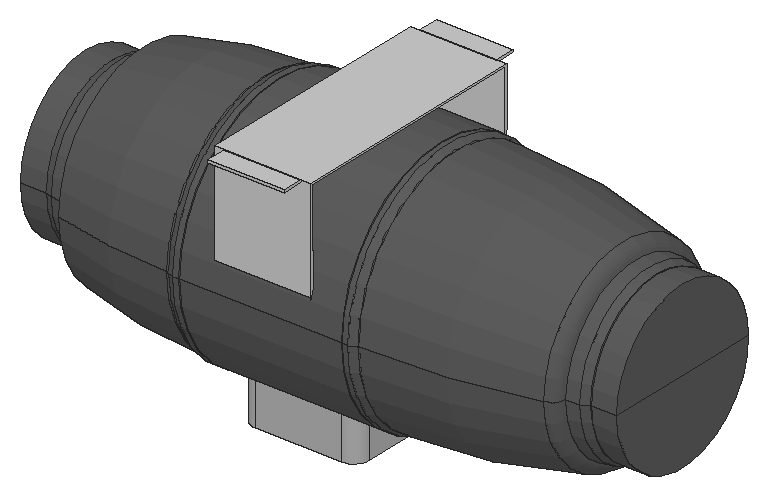
Revit family "VENTS-TT_SILENT_M_100_125_150_160", category Mechanical Equipment, Revit 2019
Family settings
  Round Connector Dimension = Use Diameter
  Classification = None
  Part Type = Breaks Into
  OmniClass Number = 23.75.35.17.11
  OmniClass Title = Fans for Air Ductwork
  Work Plane-Based = No
  Always vertical = No
  Cut with Voids When Loaded = No
  Shared = No
  Room Calculation Point = No
Parameters (values of type "TT Silent-M 160 (max)")
  Weight = 6.10 kg
  Voltage = 230 V
  URL = "https://ventilation-system.com/product/tt-silentm-160"
  Type Comments = "Inline mixed-flow fan TT Silent-M 160"
  Transported Air Temperature (°C) = "-25...+60"
  RPM (min-1) = 2645
  R1 = D1 / 2  # 122 mm
  Protection rating = "IPX4"
  Power Factor = 1
  Number of Poles = 1
  Noise Level at 3 m (dBa) = 33
  Mounting Hanger [instance] = yes
  Maintenance Zone Length Calc = if(Maintenance Zone Length < L, L, Maintenance Zone Length)  # 600 mm
  L27 = 6 mm
  L26 = 8 mm
  L25 = L21 - L22 - L23 - L24 - L26 - L27  # 163 mm
  L24 = 11 mm
  L21 = 209 mm
  L17 = 6 mm
  L16 = 8 mm
  L15 = L11 - L12 - L13 - L14 - L16 - L17  # 118 mm
  L14 = 10 mm
  L11 = 163 mm
  HangerW = 93 mm
  HangerL1 = 238 mm
  HangerL = 238 mm
  HangerH = HangerBaseH  # 126 mm
  HangerExtraL = yes
  HangerBaseH = 126 mm
  Model = "TT Silent-M 160"
  Manufacturer = "Vents"
  Maintenance Zone Width = 600 mm
  Maintenance Zone Material = Maintenance Zone
  Maintenance Zone Length = 600 mm
  Maintenance Zone Height = 600 mm
  Maintenance Zone [instance] = no
  Load Classification = HVAC
  L23 = 13 mm
  L22 = 8 mm
  L2 = 25 mm
  L13 = 13 mm
  L12 = 8 mm
  L1 = 25 mm
  L = 580 mm
  Hanger Material = Metal Zinc
  Flow direction symbol [instance] = yes
  Flow Factor [instance] = 1  # constant formula
  Family Version = "1.0"  # constant formula
  ElBoxW = 150 mm
  ElBoxR = 15 mm  # constant formula
  ElBoxL = 114 mm
  ElBoxH = 137 mm
  Distribution Box Material = Distribution Box Dark Grey
  Description = "Inline mixed-flow fan in sound- and heat-insulated casing for round ducts"
  Dd26 = 39 mm
  Dd24 = 17 mm
  Dd22 = 3 mm
  Dd23 = 5 mm
  Dd16 = 39 mm
  Dd14 = 23 mm
  Dd13 = 5 mm
  Dd12 = 3 mm
  D1 = 244 mm
  D = 160 mm
  Copyright = "©Vents"
  Duct Connection Size = 160 mm
  Fan Material = Metal Black
  Maximum Air Flow = 555 m³/h
  Air Flow [instance] = 0 m³/h
  Power = 52 W
  Current = 0.23 A
  Apparent Power = Power / Power Factor  # 52 VA
Types (8, lengths in mm): name | Weight | URL | Type Comments | RPM (min-1) | R1 | Noise Level at 3 m (dBa) | L25 | L24 | L21 | L15 | L14 | L11 | HangerL1 | HangerL | HangerH | HangerBaseH | Model | L | ElBoxW | ElBoxL | ElBoxH | Dd26 | Dd24 | Dd23 | Dd16 | Dd14 | Dd13 | D1 | D | Duct Connection Size | Maximum Air Flow | Power | Current | Apparent Power
  TT Silent-M 100 (min) | 4.60 kg | "https://ventilation-system.com/product/tt-silentm-100" | "Inline mixed-flow fan TT Silent-M 100" | 2030 | 107 | 24 | 110 | 39 | 184 | 70 | 34 | 139 | 208 | 208 | 113 | 113 | "TT Silent-M 100" | 505 | 116 | 98 | 124 | 54 | 39 | 4 | 54 | 39 | 4 | 214 | 100 | 100 | 170 m³/h | 24 W | 0.1 A | 24 VA
  TT Silent-M 100 (max) | 4.60 kg | "https://ventilation-system.com/product/tt-silentm-100" | "Inline mixed-flow fan TT Silent-M 100" | 2630 | 107 | 29 | 110 | 39 | 184 | 70 | 34 | 139 | 208 | 208 | 113 | 113 | "TT Silent-M 100" | 505 | 116 | 98 | 124 | 54 | 39 | 4 | 54 | 39 | 4 | 214 | 100 | 100 | 240 m³/h | 26 W | 0.11 A | 26 VA
  TT Silent-M 125 (min) | 4.60 kg | "https://ventilation-system.com/product/tt-silentm-125" | "Inline mixed-flow fan TT Silent-M 125" | 1650 | 107 | 23 | 110 | 24 | 169 | 64 | 24 | 123 | 208 | 208 | 113 | 113 | "TT Silent-M 125" | 474 | 116 | 98 | 124 | 41 | 26 | 4 | 41 | 28 | 4 | 214 | 125 | 125 | 230 m³/h | 25 W | 0.11 A | 25 VA
  TT Silent-M 125 (max) | 4.60 kg | "https://ventilation-system.com/product/tt-silentm-125" | "Inline mixed-flow fan TT Silent-M 125" | 2310 | 107 | 28 | 110 | 24 | 169 | 69 | 19 | 123 | 208 | 208 | 113 | 113 | "TT Silent-M 125" | 474 | 116 | 98 | 124 | 41 | 26 | 4 | 41 | 28 | 4 | 214 | 125 | 125 | 340 m³/h | 29 W | 0.13 A | 29 VA
  TT Silent-M 150 (min) | 6.10 kg | "https://ventilation-system.com/product/tt-silentm-150" | "Inline mixed-flow fan TT Silent-M 150" | 1970 | 122 | 26 | 163 | 11 | 209 | 109 | 19 | 163 | 238 | 238 | 126 | 126 | "TT Silent-M 150" | 580 | 150 | 114 | 137 | 44 | 22 | 4 | 45 | 28 | 4 | 244 | 150 | 150 | 405 m³/h | 45 W | 0.2 A | 45 VA
  TT Silent-M 150 (max) | 6.10 kg | "https://ventilation-system.com/product/tt-silentm-150" | "Inline mixed-flow fan TT Silent-M 150" | 2645 | 122 | 33 | 163 | 11 | 209 | 107 | 21 | 163 | 238 | 238 | 126 | 126 | "TT Silent-M 150" | 580 | 150 | 114 | 137 | 44 | 22 | 4 | 45 | 28 | 4 | 244 | 150 | 150 | 555 m³/h | 52 W | 0.23 A | 52 VA
  TT Silent-M 160 (min) | 6.10 kg | "https://ventilation-system.com/product/tt-silentm-160" | "Inline mixed-flow fan TT Silent-M 160" | 1970 | 122 | 26 | 163 | 11 | 209 | 107 | 21 | 163 | 238 | 238 | 126 | 126 | "TT Silent-M 160" | 580 | 150 | 114 | 137 | 39 | 17 | 5 | 39 | 23 | 5 | 244 | 160 | 160 | 405 m³/h | 45 W | 0.2 A | 45 VA
  TT Silent-M 160 (max) | 6.10 kg | "https://ventilation-system.com/product/tt-silentm-160" | "Inline mixed-flow fan TT Silent-M 160" | 2645 | 122 | 33 | 163 | 11 | 209 | 118 | 10 | 163 | 238 | 238 | 126 | 126 | "TT Silent-M 160" | 580 | 150 | 114 | 137 | 39 | 17 | 5 | 39 | 23 | 5 | 244 | 160 | 160 | 555 m³/h | 52 W | 0.23 A | 52 VA
Reference planes
  plane 1 "Center (Front/Back)": y = 0
  plane 2: z = 0
  plane 3 "Center (Left/Right)": x = 0
  plane 4: y = 80
  plane 5: y = -80
  plane 6: y = 122
  plane 7: y = -122
  plane 8: x = 580
  plane 9 "C": x = 346
  plane 10: x = 188
  plane 11 "CenterL": x = 290
  plane 12: x = 25
  plane 13: x = 182
  plane 14: y = 83
  plane 15 "CenterOfCentralPart": x = 267
  plane 16: y = 75
  plane 17: y = -75
  plane 18: x = 210
  plane 19: x = 324
  plane 20 "ElBoxHeight": z = -137
  plane 21 "HangerHeight": z = 126
  plane 22: y = 85
  plane 23: y = 103
  plane 24: x = 56
  plane 25: x = 46
  plane 26: x = 33
  plane 27: x = 174
  plane 28: y = 119
  plane 29: x = 175
  plane 30: x = 352
  plane 31: y = 83
  plane 32: y = 85
  plane 33: y = 97
  plane 34: x = 523
  plane 35: x = 534
  plane 36: x = 547
  plane 37: x = 360
  plane 38: y = 119
  plane 39: x = 359
  plane 40: x = 555
Forms (mm)
  Revolve 1, solid, material "Metal Black" <- "Fan Material", detail levels medium+fine
    sketch origin (368, 0, 0) x (1, 0, 0) y (0, 1, 0)
      loop
        line (-343, 0) -> (-180, 0) -> (-180, 122) -> (-186, 122) -> (-193, 119) -> (-194, 119)
        arc (-194, 119) -> (-253.54, 114.982) -> (-312, 103) r 443.125
        arc (-312, 103) -> (-317.171, 94.095) -> (-322, 85) r 271.253
        line (-322, 85) -> (-335, 83) -> (-343, 80) -> (-343, 0)
      axis (-180, 0) -> (-343, 0)
    angle from 0 to 360
  Revolve 2, solid, material "Metal Black" <- "Fan Material", detail levels medium+fine
    sketch origin (368, 0, 0) x (1, 0, 0) y (0, 1, 0)
      loop
        line (187, 80) -> (187, 0) -> (212, 0) -> (212, 80) -> (187, 80)
      axis (212, 0) -> (187, 0)
    angle from 0 to 360
  Revolve 3, solid, material "Metal Black" <- "Fan Material", detail levels medium+fine
    sketch origin (368, 0, 0) x (1, 0, 0) y (0, 1, 0)
      loop
        line (-368, 80) -> (-368, 0) -> (-343, 0) -> (-343, 80) -> (-368, 80)
      axis (-343, 0) -> (-368, 0)
    angle from 0 to 360
  Revolve 4, solid, material "Metal Black" <- "Fan Material", detail levels medium+fine
    sketch origin (0, 0, 0) x (1, 0, 0) y (0, 1, 0)
      loop
        line (188, 122) -> (188, 0) -> (346, 0) -> (346, 122) -> (188, 122)
      axis (188, 0) -> (346, 0)
    angle from 0 to 360
  Extrusion 5, solid, material "Distribution Box Dark Grey" <- "Distribution Box Material", detail levels medium+fine
    sketch origin (0, 0, 0) x (1, 0, 0) y (0, 1, 0)
      loop
        arc (225, 75) -> (214.393, 70.607) -> (210, 60) r 15
        line (210, 60) -> (210, -60)
        arc (210, -60) -> (214.393, -70.607) -> (225, -75) r 15
        line (225, -75) -> (309, -75)
        arc (309, -75) -> (319.607, -70.607) -> (324, -60) r 15
        line (324, -60) -> (324, 60)
        arc (324, 60) -> (319.607, 70.607) -> (309, 75) r 15
        line (309, 75) -> (225, 75)
    from 0 to -137
  Revolve 6, solid, material "Metal Black" <- "Fan Material", detail levels medium+fine
    sketch origin (117, 0, 0) x (-1, 0, 0) y (0, 1, 0)
      loop
        line (-438, 0) -> (-229, 0) -> (-229, 122) -> (-235, 122) -> (-242, 119) -> (-243, 119)
        arc (-243, 119) -> (-325.239, 113.475) -> (-406, 97) r 614.841
        arc (-406, 97) -> (-413.227, 92.583) -> (-417, 85) r 15.31
        line (-417, 85) -> (-430, 83) -> (-438, 80) -> (-438, 0)
      axis (-229, 0) -> (-438, 0)
    angle from 0 to 360
Cuts and joins
  joined: Revolve 1, Revolve 3
Dimensions and locks
  equal spacing: plane 4, plane 1 "Center (Front/Back)", plane 5
  "D": plane 4 to plane 5
  equal spacing: plane 7, plane 1 "Center (Front/Back)", plane 6
  "D1": plane 6 to plane 7
  "L": plane 3 "Center (Left/Right)" to plane 8
  equal spacing: plane 3 "Center (Left/Right)", plane 11 "CenterL", plane 8
  "L1": plane 3 "Center (Left/Right)" to plane 12
  "Dd12": plane 14 to plane 4
  equal spacing: plane 10, plane 15 "CenterOfCentralPart", plane 9 "C"
  equal spacing: plane 17, plane 1 "Center (Front/Back)", plane 16
  "ElBoxW": plane 16 to plane 17
  equal spacing: plane 18, plane 15 "CenterOfCentralPart", plane 19
  "ElBoxL": plane 18 to plane 19
  "ElBoxH": level to plane 20 "ElBoxHeight"
  "HangerBaseH": plane 21 "HangerHeight" to level
  "Dd13": plane 22 to plane 4
  "Dd14": plane 23 to plane 4
  "L11": plane 12 to plane 10
  "L12": plane 12 to plane 26
  "L13": plane 26 to plane 25
  "L14": plane 25 to plane 24
  "L17": plane 13 to plane 10
  "L16": plane 27 to plane 13
  "Dd16": plane 28 to plane 4
  locked: plane 27 to plane 29 at 1
  "L23": plane 36 to plane 35
  "L24": plane 35 to plane 34
  "L26": plane 37 to plane 30
  locked: plane 37 to plane 39 at 1
  "L2": plane 40 to plane 8
  "L21": plane 9 "C" to plane 40
  "L22": plane 36 to plane 40
  "L27": plane 9 "C" to plane 30
  "Dd22": plane 31 to plane 4
  "Dd23": plane 32 to plane 4
  "Dd24": plane 33 to plane 4
  "Dd26": plane 38 to plane 4
  "ElBoxR": radius of Extrusion 5 sketch curve  (x4)
  aligned and locked: level to plane 2
  aligned and locked: Revolve 2 sketch curve to plane 4
  aligned and locked: Revolve 2 sketch curve to plane 8
  aligned and locked: Revolve 2 sketch curve to plane 1 "Center (Front/Back)"
  aligned and locked: Revolve 3 sketch curve to plane 4
  aligned and locked: Revolve 3 sketch curve to plane 1 "Center (Front/Back)"
  aligned and locked: plane 3 "Center (Left/Right)" to Revolve 3 sketch curve
  aligned and locked: plane 1 "Center (Front/Back)" to nested 1
  aligned and locked: nested 2 to level
  aligned and locked: plane 1 "Center (Front/Back)" to nested 3
  aligned and locked: nested 3 to plane 3 "Center (Left/Right)"
  aligned and locked: plane 1 "Center (Front/Back)" to nested 4
  aligned and locked: Revolve 4 sketch curve to plane 6
  aligned and locked: Revolve 4 sketch curve to nested 4
  aligned and locked: Revolve 4 sketch curve to Revolve 4 sketch curve  (x2)
  aligned and locked: plane 11 "CenterL" to nested 4
  aligned and locked: Revolve 4 sketch curve to plane 9 "C"
  aligned and locked: plane 15 "CenterOfCentralPart" to nested 1
  aligned and locked: Extrusion 5 sketch curve to plane 16
  aligned and locked: plane 18 to Extrusion 5 sketch curve
  aligned and locked: plane 17 to Extrusion 5 sketch curve
  aligned and locked: Extrusion 5 sketch curve to plane 19
  aligned and locked: Extrusion 5 to plane 20 "ElBoxHeight"
  aligned and locked: plane 15 "CenterOfCentralPart" to nested 2
  aligned and locked: nested 5 to plane 1 "Center (Front/Back)"
  aligned and locked: plane 15 "CenterOfCentralPart" to nested 5
  aligned and locked: Revolve 1 sketch curve to plane 1 "Center (Front/Back)"
  aligned and locked: plane 4 to Revolve 1 sketch curve
  aligned and locked: plane 1 "Center (Front/Back)" to Revolve 1 sketch curve
  aligned and locked: Revolve 1 sketch curve to plane 6
  aligned and locked: plane 29 to Revolve 1 sketch curve
  aligned and locked: plane 28 to Revolve 1 sketch curve
  aligned and locked: Revolve 6 sketch curve to plane 39
  aligned and locked: Revolve 6 sketch curve to plane 38
  aligned and locked: Revolve 2 to plane 40
Automatic sketch dimensions
  plane 1 "Center (Front/Back)" to Revolve 2 sketch curve = 0 mm
  Revolve 2 sketch curve to plane 8 = 25 mm
  Revolve 2 sketch curve to plane 3 "Center (Left/Right)" = 1632 mm
  Revolve 2 sketch curve to Revolve 2 sketch curve = 2138 mm
  plane 1 "Center (Front/Back)" to Revolve 3 sketch curve = 0 mm
  Revolve 3 sketch curve to plane 12 = 0 mm
  Revolve 3 sketch curve to plane 3 "Center (Left/Right)" = 1646 mm
  plane 8 to Revolve 3 sketch curve = 2149 mm
  Revolve 4 sketch curve to plane 10 = 0 mm
  Revolve 4 sketch curve to plane 11 "CenterL" = 0 mm
  Revolve 1 sketch curve to plane 12 = 0 mm
  Revolve 1 sketch curve to plane 14 = 0 mm
  Revolve 1 sketch curve to plane 26 = 0 mm
  Revolve 1 sketch curve to plane 22 = 0 mm
  Revolve 1 sketch curve to plane 25 = 0 mm
  Revolve 1 sketch curve to plane 23 = 0 mm
  Revolve 1 sketch curve to plane 24 = 0 mm
  Revolve 1 sketch curve to plane 27 = 0 mm
  Revolve 1 sketch curve to plane 13 = 0 mm
  Revolve 1 sketch curve to plane 10 = 0 mm
  Revolve 1 sketch curve to plane 11 "CenterL" = 2.053 mm
  Revolve 1 sketch curve to plane 3 "Center (Left/Right)" = 2000 mm
  plane 8 to Revolve 1 sketch curve = 1495 mm
  plane 1 "Center (Front/Back)" to Revolve 6 sketch curve = 0 mm  (x2)
  Revolve 6 sketch curve to plane 40 = 0 mm
  Revolve 6 sketch curve to plane 31 = 0 mm
  Revolve 6 sketch curve to plane 36 = 0 mm
  Revolve 6 sketch curve to plane 32 = 0 mm
  Revolve 6 sketch curve to plane 35 = 0 mm
  Revolve 6 sketch curve to plane 33 = 0 mm  (x2)
  Revolve 6 sketch curve to plane 34 = 0 mm
  Revolve 6 sketch curve to plane 37 = 0 mm
  Revolve 6 sketch curve to plane 6 = 0 mm
  Revolve 6 sketch curve to plane 30 = 0 mm
  Revolve 6 sketch curve to plane 9 "C" = 0 mm
  Revolve 6 sketch curve to plane 4 = 0 mm
  Revolve 6 sketch curve to plane 8 = 1980 mm
  plane 3 "Center (Left/Right)" to Revolve 6 sketch curve = 1515 mm
Nested families
  nested 1: "GraphicalSymbol_Fun_FlowDirection" at (267, 0, 0), visible <- "Flow direction symbol", type "GraphicalSymbol_Fun_FlowDirection", detail levels medium+fine
    with Length 50 mm, Height 50 mm, B 25 mm, A 16.667 mm
  nested 2: "GraphicalSymbol_Fun_FlowDirection" at (267, 0, 0) x (1, 0, 0) z (0, -1, 0), type "GraphicalSymbol_Fun_FlowDirection"
    with Length 50 mm, Height 50 mm, B 25 mm, A 16.667 mm
  nested 3: "GraphicalSymbol_Fan_1" at (290, 0, 0), type "GraphicalSymbol_Fan_1", detail levels coarse
    with Diameter 580 mm, A 145 mm
  nested 4: "MaintenanceZone_Rect" at (290, 0, 0), visible <- "Maintenance Zone", type "MaintenanceZone_Rect", detail levels medium+fine
    with Maintenance Zone Width 600 mm, Maintenance Zone Length 600 mm, Maintenance Zone Height 600 mm
  nested 5: "MountingHanger" at (267, 0, 126) x (0, 1, 0) z (0, 0, -1), visible <- "Mounting Hanger", type "MountingHanger", detail levels medium+fine
    with Width1 74.4 mm, Width 93 mm, Length2 278 mm, Length 238 mm, Lenght1Calc 237.5 mm, Length1 238 mm, Height 126 mm, ExtraLength yes
Connectors
  hvac at (0, 0, 0), driven by "Duct Connection Size", driven by "Air Flow"
    settings: on cut or joined group of Revolve 1, Revolve 3, index 4, duct flow 0 m³/h, flow factor 0, pres drop 0.0 Pa, loss coef 0, conn angle 0.00°, conn width 304.8 mm, conn height 304.8 mm, conn diameter 160 mm, duct sys type 29, conn prof type 0, flow config 0, flow direction 0, loss method 0, conn ref index 5, conn util no, is conn primary yes, conn desc ""
  hvac at (580, 0, 0), driven by "Duct Connection Size"
    settings: on Revolve 2, index 5, duct flow 0 m³/h, flow factor 0, pres drop 0.0 Pa, loss coef 0, conn angle 0.00°, conn width 304.8 mm, conn height 304.8 mm, conn diameter 160 mm, duct sys type 28, conn prof type 0, flow config 0, flow direction 0, loss method 0, conn ref index 4, conn util no, is conn primary no, conn desc ""
  electrical at (267, 0, -137), driven by "Number of Poles", driven by "Load Classification", driven by "Voltage", driven by "Apparent Power", driven by "Power Factor"
    settings: on Extrusion 5, index 6, voltage 230 V, apparent load 52 VA, apparent load phase1 0 VA, apparent load phase2 0 VA, apparent load phase3 0 VA, power factor 1, load classification "HVAC", number of poles 1, system type 30, power factor state 1, is connector primary yes, connector utility no, sub classification motor no, connector description ""
Definition of nested family "MaintenanceZone_Rect"
  Parameters (values of type "MaintenanceZone_Rect")
    Maintenance Zone Width = 500 mm
    Material = none
    Maintenance Zone Length = 1000 mm
    Maintenance Zone Height = 300 mm
    Family Version = ""
    Default Elevation = 1219.2 mm
    Copyright = ""
  Reference planes
    plane 1 "Center (Front/Back)": y = 0
    plane 2: z = 0
    plane 3 "Center (Left/Right)": x = 0
    plane 4: x = -500
    plane 5: x = 500
    plane 6: y = 250
    plane 7: y = -250
    plane 8: z = -300
  Forms (mm)
    Extrusion 1, solid, material <- "Material", detail levels medium+fine
      sketch origin (0, 0, 0) x (1, 0, 0) y (0, 1, 0)
        loop
          line (-500, 250) -> (-500, -250) -> (500, -250) -> (500, 250) -> (-500, 250)
      from 0 to -300
  Lines and regions (mm)
    symbolic lines, detail levels medium+fine
      curve 1: line (-500, 0, 0) -> (500, 0, 0)
      curve 2: line (-500, 0, -300) -> (-500, 0, 0)
      curve 3: line (500, 0, -300) -> (-500, 0, -300)
      curve 4: line (500, 0, 0) -> (500, 0, -300)
      curve 5: line (0, 250, 0) -> (0, -250, 0)
      curve 6: line (0, 250, -300) -> (0, 250, 0)
      curve 7: line (0, -250, -300) -> (0, 250, -300)
      curve 8: line (0, -250, 0) -> (0, -250, -300)
      curve 9: line (-500, 250, 0) -> (500, 250, 0)
      curve 10: line (-500, -250, 0) -> (-500, 250, 0)
      curve 11: line (500, -250, 0) -> (-500, -250, 0)
      curve 12: line (500, 250, 0) -> (500, -250, 0)
  Dimensions and locks
    equal spacing: plane 6, plane 1 "Center (Front/Back)", plane 7
    equal spacing: plane 4, plane 3 "Center (Left/Right)", plane 5
    "Maintenance Zone Width": plane 6 to plane 7
    "Maintenance Zone Length": plane 4 to plane 5
    "Maintenance Zone Height": plane 2 to plane 8
    aligned and locked: level to plane 2
    aligned and locked: Extrusion 1 sketch curve to plane 6
    aligned and locked: plane 4 to Extrusion 1 sketch curve
    aligned and locked: plane 7 to Extrusion 1 sketch curve
    aligned and locked: Extrusion 1 sketch curve to plane 5
    aligned and locked: Extrusion 1 to plane 8
    aligned and locked: curve 1 to Extrusion 1
    aligned and locked: curve 2 to Extrusion 1
    aligned and locked: curve 3 to Extrusion 1
    aligned and locked: curve 4 to Extrusion 1
    aligned and locked: curve 5 to Extrusion 1
    aligned and locked: curve 6 to Extrusion 1
    aligned and locked: curve 7 to Extrusion 1
    aligned and locked: curve 8 to Extrusion 1
    aligned and locked: curve 9 to Extrusion 1
    aligned and locked: curve 10 to Extrusion 1
    aligned and locked: curve 11 to Extrusion 1
    aligned and locked: curve 12 to Extrusion 1
Definition of nested family "MountingHanger"
  Parameters (values of type "MountingHanger")
    Width1 = Width * 0.8  # 160 mm
    Width = 200 mm
    Thikness = 2 mm
    Material = none
    Length2 = Length + 20 mm * 2  # 518 mm
    Length = 478 mm
    Lenght1Calc = if(Length1 = Length, Length - 0.5 mm, Length1)  # 396 mm
    Length1 = 396 mm
    Height1 = 10 mm
    Height = 219 mm
    ExtraLength = no
    Default Elevation = 1219.2 mm
  Reference planes
    plane 1 "Center (Front/Back)": y = 0
    plane 2: z = 0
    plane 3 "Center (Left/Right)": x = 0
    plane 4: x = -239
    plane 5: x = 239
    plane 6: y = 100
    plane 7: y = -100
    plane 8: z = 219
    plane 9: x = -198
    plane 10: x = 198
    plane 11: z = 209
    plane 12: y = 80
    plane 13: y = -80
    plane 14: x = -259
    plane 15: x = 259
    plane 16: x = -239
    plane 17: x = 239
  Forms (mm)
    Extrusion 1, solid, material <- "Material"
      sketch origin (0, 0, 0) x (1, 0, 0) y (0, 0, 1)
        loop
          line (-198, 209) -> (-239, 0) -> (239, 0) -> (198, 209) -> (198, 219) -> (196, 219) -> (196, 208.806) -> (236.57, 2) -> (-236.57, 2) -> (-196, 208.806) -> (-196, 219) -> (-198, 219) -> (-198, 209)
      from -100 to 100
    Extrusion 2, solid, material <- "Material", visible <- "ExtraLength"
      sketch origin (0, 0, 0) x (1, 0, 0) y (0, 1, 0)
        loop
          line (-259, 80) -> (-259, -80) -> (-239, -80) -> (-239, 80) -> (-259, 80)
        loop
          line (239, 80) -> (239, -80) -> (259, -80) -> (259, 80) -> (239, 80)
      from 0 to 2
  Dimensions and locks
    equal spacing: plane 4, plane 3 "Center (Left/Right)", plane 5
    "Length": plane 4 to plane 5
    plane 8 to level = 219 mm
    equal spacing: plane 6, plane 1 "Center (Front/Back)", plane 7
    "Width": plane 6 to plane 7
    "Height": plane 8 to level
    "Thikness": Extrusion 1 sketch curve to level
    "Thikness": Extrusion 1 sketch curve to Extrusion 1 sketch curve  (x2)
    "Thikness": Extrusion 1 sketch curve to plane 9
    "Thikness": plane 10 to Extrusion 1 sketch curve
    equal spacing: plane 9, plane 3 "Center (Left/Right)", plane 10
    "Lenght1Calc": plane 9 to plane 10
    "Height1": plane 8 to plane 11
    equal spacing: plane 12, plane 1 "Center (Front/Back)", plane 13
    "Width1": plane 12 to plane 13
    equal spacing: plane 14, plane 3 "Center (Left/Right)", plane 15
    "Length2": plane 14 to plane 15
    "Thikness": Extrusion 2 to level
    equal spacing: plane 16, plane 3 "Center (Left/Right)", plane 17
    "Length": plane 16 to plane 17
    aligned and locked: level to plane 2
    aligned and locked: plane 6 to Extrusion 1
    aligned and locked: Extrusion 1 to plane 7
    aligned and locked: plane 9 to Extrusion 1 sketch curve
    aligned and locked: plane 10 to Extrusion 1 sketch curve
    aligned and locked: Extrusion 2 sketch curve to plane 12  (x2)
    aligned and locked: plane 14 to Extrusion 2 sketch curve
    aligned and locked: plane 13 to Extrusion 2 sketch curve  (x2)
    aligned and locked: Extrusion 2 sketch curve to plane 16
    aligned and locked: plane 17 to Extrusion 2 sketch curve
    aligned and locked: Extrusion 2 sketch curve to plane 15
  Automatic sketch dimensions
    Extrusion 1 sketch curve to level = 0 mm
    Extrusion 1 sketch curve to plane 4 = 0 mm
    Extrusion 1 sketch curve to plane 5 = 0 mm
    Extrusion 1 sketch curve to plane 11 = 0 mm  (x2)
    Extrusion 1 sketch curve to plane 8 = 0 mm  (x2)
Definition of nested family "GraphicalSymbol_Fun_FlowDirection"
  Parameters (values of type "GraphicalSymbol_Fun_FlowDirection")
    Length = 100 mm
    Height = Length  # 100 mm
    B = Length / 2  # 50 mm
    A = Length / 3  # 33.333 mm
  Reference planes
    plane 1 "Center (Front/Back)": y = 0
    plane 2: z = 0
    plane 3 "Center (Left/Right)": x = 0
    plane 4: x = -33.333
    plane 5: x = 50
    plane 6: y = 50
    plane 7: y = -50
  Lines and regions (mm)
    detail lines, in view "Ref. Level"
      curve 1: line (-33.333, 50, 0) -> (-33.333, -50, 0)
      curve 2: line (50, 0, 0) -> (-33.333, -50, 0)
      curve 3: line (50, 0, 0) -> (-33.333, 50, 0)
  Dimensions and locks
    "A": plane 4 to plane 3 "Center (Left/Right)"
    "B": plane 3 "Center (Left/Right)" to plane 5
    equal spacing: plane 6, plane 1 "Center (Front/Back)", plane 7
    "Height": plane 6 to plane 7
    aligned and locked: curve 1 to plane 4
  Automatic sketch dimensions
    plane 1 "Center (Front/Back)" to curve 3 = 0 mm
    curve 3 to plane 5 = 0 mm
    curve 2 to plane 7 = 0 mm
    curve 3 to plane 6 = 0 mm
Definition of nested family "GraphicalSymbol_Fan_1"
  Parameters (values of type "GraphicalSymbol_Fan_1")
    Diameter = 100 mm
    Default Elevation = 1219.2 mm
    A = Diameter / 4  # 25 mm
  Reference planes
    plane 1 "Center (Front/Back)": y = 0
    plane 2: z = 0
    plane 3 "Center (Left/Right)": x = 0
    plane 4: x = -25
  Lines and regions (mm)
    model lines
      curve 1: circle (0, 0, 0) r 50 normal (0, 0, 1)
      curve 4: line (-25, 43.301, 0) -> (-25, -43.301, 0)
      curve 5: line (-25, 43.301, 0) -> (50, 0, 0)
      curve 6: line (-25, -43.301, 0) -> (50, 0, 0)
    reference lines
      curve 2: line (50, 141.389, 0) -> (50, -158.611, 0)
      curve 3: line (-50, 141.389, 0) -> (-50, -158.611, 0)
  Dimensions and locks
    equal spacing: curve 3, plane 3 "Center (Left/Right)", curve 2
    "Diameter": curve 3 to curve 2
    "A": plane 4 to plane 3 "Center (Left/Right)"
    "Diameter": diameter of curve 1
    aligned and locked: level to plane 2
  Automatic sketch dimensions
    curve 4 to plane 4 = 0 mm
    plane 1 "Center (Front/Back)" to curve 1 = 0 mm
    curve 1 to plane 3 "Center (Left/Right)" = 0 mm
    plane 1 "Center (Front/Back)" to curve 6 = 0 mm
    plane 1 "Center (Front/Back)" to curve 2 = 158.611 mm
    curve 3 to curve 2 = 0 mm  (x2)
    curve 3 to plane 1 "Center (Front/Back)" = 141.389 mm
